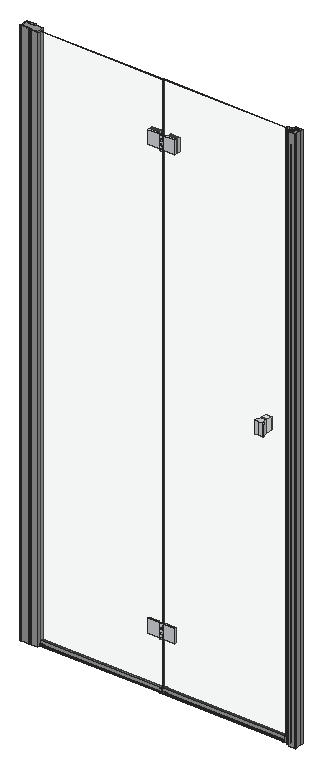
Revit family "Sanitary_Shower-screens_Duscholux_D2Swing_Slider-folding-door-shower", category Aparatos sanitarios, Revit 2019
Family settings
  Cota de conector redondo = Diámetro de uso
  Tipo de pieza = Normal
  Número OmniClass = 23.45.00.00
  Título OmniClass = Sanitary, Laundry, and Cleaning Equipment
  Se basa en plano de trabajo = No
  Siempre vertical = Sí
  Corte con vacíos al cargar = No
  Compartido = No
  Punto de cálculo de habitación = No
Parameters (values of type "Shiny silver Aluminium Finish")
  Width = 1000 mm
  URL = "http://www.duscholux.es/"
  Thickness Glass = 5 mm  # constant formula
  Technical Inspection Certificate (Applus) = "https://www.duscholux.es/es/Descargas/"
  Series = "D2"
  Ref. = "SWX / SWZ"
  Products = "http://www.duscholux.es/mamparas_filtro.aspx?es"
  Opening System Image = "https://configuratumampara.duscholux.es/PublicTempStorage/multimedia/FDIzq2pReplegable_0e293749dd0944848b97b7215b8956d5.gif"
  Opening System = "Bi-fold + Slider"
  Modelo = "D2 Swing"
  Min Max Width = if(Width < 550 mm, 550 mm, if(Width > 1000 mm, 1000 mm, Width))  # 1000 mm
  Max Height = if(Height > 2000 mm, 2000 mm, Height)  # 2000 mm
  Maintenance and Cleaning = "https://www.duscholux.es/es/Cuidado-y-limpieza/"
  Image = "https://www.duscholux.es/medium/D2_SWING_FD_2P_PLEGABLE_PLATA.jpg?m=7418&w=960&h=768&g=0"
  Height = 2000 mm
  Handle Material = Zamac_Duscholux Material-Chrome Finish
  Handle Height = Max Height / 2  # 1000 mm
  Glass in Building UNE EN 12150 = "CE Conformity marking"
  Glass Material = Glass_Material-Duscholux
  Frame Material = Anodized Aluminium_Duscholux Material-Shiny Silver Finish
  Fact Sheet = "https://www.duscholux.es/es/Producto/D2-Swing-RP-Frontal-para-ducha-de-2-puertas-plegables"
  Fabricante = "Duscholux Ibérica, S.A."
  Environmental Management ISO 14001 = "ECOEMBES Certificate"
  Door Lenght = (Min Max Width - 83.6 mm) / 2  # 458.2 mm
  Descripción = "Folding and slider twin doors"
  Código de montaje = "C1030200"
  Configuration enclosure = "http://configuratumampara.duscholux.es/eCatalogo.aspx"
  Components = "Eropean components"
  Type Comments = ""
  Combinations = ""
  Certified Quality UNE EN 14428 = "http://www.duscholux.es/duscholux_downloads.aspx?es"
  Accesories Material = Plastic_Duscholux Material-Gray Finish
Types (4, lengths in mm): name | Handle Material | Frame Material | Accesories Material
  (no name) | Zamac_Duscholux Material-Chrome Finish | Anodized Aluminium_Duscholux Material-Shiny Silver Finish | Plastic_Duscholux Material-Gray Finish
  Matte Silver Aluminium Finish | Zamac_Duscholux Material-Matte Silver Finish | Anodized Aluminium_Duscholux Material-Matte Silver Finish | Plastic_Duscholux Material-Gray Finish
  Shiny silver Aluminium Finish | Zamac_Duscholux Material-Chrome Finish | Anodized Aluminium_Duscholux Material-Shiny Silver Finish | Plastic_Duscholux Material-Gray Finish
  Black Aluminium Finish | Anodized Aluminium_Duscholux Material-Black Finish | Anodized Aluminium_Duscholux Material-Black Finish | Plastic_Duscholux Material-Black Br. Finish
Reference planes
  plane 1 "Centro (Frontal/Posterior)": y = 0
  plane 2: z = 0
  plane 3 "Centro (Izquierda/Derecha)": x = 0
  plane 4: x = 52.152
  plane 5: z = 2000
  plane 6: z = 0
  plane 7: x = 968.522
  plane 8: y = 20.552
  plane 9: z = 47.999
  plane 10: z = 1996
  plane 11: z = 8.2
  plane 12: z = 1000
  plane 13: x = 1000
  plane 14: x = 510.337
  plane 15: x = 512.491
  plane 16: x = 508.183
  plane 17: z = 1796
  plane 18: z = 208.2
Forms (mm)
  Extrusion 1, solid, material "Glass_Material-Duscholux" <- "Glass Material"
    sketch origin (52.152, 20.552, 0) x (1, 0, 0) y (0, 1, 0)
      loop
        line (456.033, -2.5) -> (456.033, 2.5) -> (0, 2.5) -> (0, -2.5) -> (456.033, -2.5)
    from 8.2 to 1996
  Extrusion 2, solid, material "Glass_Material-Duscholux" <- "Glass Material"
    sketch origin (510.352, 20.552, 0) x (1, 0, 0) y (0, 1, 0)
      loop
        line (2.137, 2.5) -> (2.137, -2.5) -> (449.77, -2.5) -> (449.77, 2.5) -> (2.137, 2.5)
    from 8.2 to 1996
  Extrusion 3, solid, material "Anodized Aluminium_Duscholux Material-Shiny Silver Finish" <- "Frame Material"
    sketch origin (0, 0, 0) x (1, 0, 0) y (0, 1, 0)
      loop
        line (0, 39.74) -> (0, 31.434) -> (1.8, 31.434) -> (1.8, 9.247) -> (0, 9.247) -> (0, 7.324) -> (30.982, 7.324) -> (31.502, 8.752) -> (3.1, 8.752) -> (3.1, 32.352) -> (31.022, 32.352) -> (31.022, 39.74) -> (0, 39.74)
    from 0 to 2000
  Extrusion 4, solid, material "Anodized Aluminium_Duscholux Material-Shiny Silver Finish" <- "Frame Material"
    sketch origin (0, 0, 0) x (1, 0, 0) y (0, 1, 0)
      loop
        line (5.472, 32.052) -> (5.472, 23.902) -> (20.474, 23.902) -> (20.474, 17.202) -> (5.472, 17.202) -> (5.472, 9.052) -> (35.584, 9.052) -> (35.584, 10.529) -> (36.21, 9.904)
        arc (36.21, 9.904) -> (37.266, 9.623) -> (37.481, 10.695) r 0.75
        arc (37.481, 10.695) -> (34.477, 20.555) -> (37.485, 30.414) r 17.675
        arc (37.485, 30.414) -> (37.268, 31.481) -> (36.214, 31.208) r 0.75
        line (36.214, 31.208) -> (35.584, 30.578) -> (35.584, 32.052) -> (5.472, 32.052)
    from 0 to 1996
  Extrusion 5, solid, material "Anodized Aluminium_Duscholux Material-Shiny Silver Finish" <- "Frame Material"
    sketch origin (52.152, 20.552, 0) x (1, 0, 0) y (0, 1, 0)
      loop
        arc (-11.626, 11.499) -> (-12.99, 11.171) -> (-14.056, 10.258) r 3
        arc (-14.056, 10.258) -> (-17.379, -0.001) -> (-14.056, -10.26) r 17.5
        arc (-14.056, -10.26) -> (-12.99, -11.173) -> (-11.626, -11.501) r 3
        line (-11.626, -11.501) -> (12.121, -11.501) -> (12.121, -3.348) -> (-2.879, -3.348) -> (-2.879, 3.349) -> (12.121, 3.349) -> (12.121, 11.499) -> (-11.626, 11.499)
    from 0 to 1996
  Extrusion 6, solid, material "Anodized Aluminium_Duscholux Material-Shiny Silver Finish" <- "Frame Material"
    sketch origin (0, 0, 0) x (1, 0, 0) y (0, 1, 0)
      loop
        line (64.273, 32.051) -> (5.472, 32.051) -> (5.472, 9.052) -> (64.273, 9.052) -> (64.273, 32.051)
    from 1996 to 2000
  Extrusion 7, solid, material "Plástico, transparente"
    sketch origin (510.352, 20.552, 0) x (1, 0, 0) y (0, 1, 0)
      loop
        line (449.088, 3.965) -> (445.153, 3.965) -> (445.153, 3) -> (449.77, 3) -> (449.77, 0) -> (449.77, -3) -> (445.153, -3) -> (445.153, -3.965) -> (449.088, -3.965)
        arc (449.088, -3.965) -> (452.57, -6.188) -> (456.701, -6.231) r 7.5
        arc (456.701, -6.231) -> (457.761, -5.515) -> (458.17, -4.303) r 2
        line (458.17, -4.303) -> (458.17, 4.303)
        arc (458.17, 4.303) -> (457.761, 5.515) -> (456.701, 6.231) r 2
        arc (456.701, 6.231) -> (452.57, 6.188) -> (449.088, 3.965) r 7.5
    from 0 to 1996
  Extrusion 8, solid, material "Anodized Aluminium_Duscholux Material-Shiny Silver Finish" <- "Frame Material"
    sketch origin (0, 0, 0) x (1, 0, 0) y (0, 1, 0)
      loop
        line (1000, 39.652) -> (976.004, 39.652) -> (976.004, 32.352) -> (997.2, 32.352) -> (997.2, 8.661) -> (976.004, 8.661) -> (976.004, 7.297) -> (1000, 7.297) -> (1000, 9.104) -> (998.7, 9.104) -> (998.7, 31.199) -> (1000, 31.199) -> (1000, 39.652)
    from 0 to 1996
  Extrusion 9, solid, material "Anodized Aluminium_Duscholux Material-Shiny Silver Finish" <- "Frame Material"
    sketch origin (0, 0, 0) x (1, 0, 0) y (0, 1, 0)
      loop
        line (996.945, 32.052) -> (975.922, 32.052) -> (973.691, 31.057) -> (971.943, 27.039) -> (973.075, 27.039) -> (974.658, 30.188) -> (975.922, 30.752) -> (988.922, 30.752) -> (988.922, 23.552) -> (978.234, 23.552) -> (978.234, 17.552) -> (988.922, 17.552) -> (988.922, 10.352) -> (975.922, 10.352) -> (974.658, 10.915) -> (973.075, 14.065) -> (971.943, 14.065) -> (973.691, 10.046) -> (975.922, 9.052) -> (996.945, 9.052) -> (996.945, 32.052)
    from 0 to 1996
  Extrusion 10, solid, material "Plástico, transparente"
    sketch origin (0, 0, 0) x (1, 0, 0) y (0, 1, 0)
      loop
        arc (977.604, 24.517) -> (974.122, 26.74) -> (969.991, 26.782) r 7.5
        arc (969.991, 26.782) -> (968.931, 26.066) -> (968.522, 24.854) r 2
        line (968.522, 24.854) -> (968.522, 16.249)
        arc (968.522, 16.249) -> (968.931, 15.037) -> (969.991, 14.321) r 2
        arc (969.991, 14.321) -> (974.122, 14.363) -> (977.604, 16.587) r 7.5
        line (977.604, 16.587) -> (982.85, 16.587) -> (982.85, 17.552) -> (978.234, 17.552) -> (978.234, 23.552) -> (982.85, 23.552) -> (982.85, 24.517) -> (977.604, 24.517)
    from 0 to 1996
Lines and regions (mm)
  reference lines
    curve 1: line (52.152, 20.552, 0) -> (510.352, 20.552, 0)
    curve 2: line (510.352, 20.552, 0) -> (968.552, 20.552, 0)
Dimensions and locks
  "Max Height": plane 5 to level
  locked: plane 3 "Centro (Izquierda/Derecha)" to plane 4 at 52.15
  locked: plane 8 to plane 1 "Centro (Frontal/Posterior)" at 20.552
  "Door Lenght": curve 1 to curve 1
  "Door Lenght": curve 2 to curve 2
  locked: plane 5 to plane 10 at 4
  "Handle Height": plane 12 to plane 6
  "Min Max Width": plane 3 "Centro (Izquierda/Derecha)" to plane 13
  locked: plane 7 to plane 13 at 31.478
  equal spacing: plane 4, plane 14, plane 7
  locked: plane 14 to plane 15 at 2.154
  equal spacing: plane 16, plane 14, plane 15
  locked: plane 18 to plane 11 at 200
  locked: plane 10 to plane 17 at 200
  locked: Extrusion 2 to nested 3 at 30.498
  locked: nested 4 to Extrusion 1 at 30.498
  locked: nested 1 to Extrusion 1 at 30.498
  locked: Extrusion 2 to nested 2 at 30.498
  locked: Extrusion 2 to nested 6 at 30.498
  locked: Extrusion 1 to nested 5 at 30.498
  locked: nested 7 to Extrusion 7 at 85
  locked: nested 8 to Extrusion 7 at 85
  locked: Extrusion 8 to plane 13 at 23.996
  aligned and locked: level to plane 2
  aligned and locked: plane 8 to curve 1
  aligned and locked: plane 4 to curve 1
  aligned and locked: plane 10 to Extrusion 1
  aligned and locked: plane 10 to Extrusion 2
  aligned and locked: Extrusion 2 to plane 11
  aligned and locked: Extrusion 1 to plane 11
  aligned and locked: nested 1 to plane 17
  aligned and locked: nested 2 to plane 17
  aligned and locked: plane 14 to nested 1
  aligned and locked: plane 14 to nested 2
  aligned and locked: plane 5 to Extrusion 3
  aligned and locked: plane 10 to Extrusion 4
  aligned and locked: plane 10 to Extrusion 5
  aligned and locked: plane 5 to Extrusion 6
  aligned and locked: Extrusion 6 to plane 10
  aligned and locked: plane 4 to Extrusion 1
  aligned and locked: plane 17 to nested 3
  aligned and locked: nested 4 to plane 17
  aligned and locked: plane 10 to Extrusion 7
  aligned and locked: nested 6 to plane 18
  aligned and locked: nested 5 to plane 18
  aligned and locked: plane 12 to nested 7
  aligned and locked: plane 12 to nested 8
  aligned and locked: Extrusion 8 to Extrusion 8
  aligned and locked: plane 13 to Extrusion 8
  aligned and locked: plane 10 to Extrusion 8
  aligned and locked: plane 10 to Extrusion 9
  aligned and locked: plane 10 to Extrusion 10
  aligned and locked: nested 9 to Extrusion 2
  aligned and locked: nested 9 to Extrusion 7
  aligned and locked: nested 10 to Extrusion 1
  aligned and locked: Extrusion 6 to nested 10
Automatic sketch dimensions
  curve 1 to Extrusion 1 sketch curve = 0 mm
  Extrusion 1 sketch curve to curve 1 = 2.5 mm
  Extrusion 1 sketch curve to curve 1 = 2.167 mm
  curve 1 to Extrusion 1 sketch curve = 2.5 mm
  curve 2 to Extrusion 2 sketch curve = 2.5 mm
  curve 2 to Extrusion 2 sketch curve = 2.137 mm
  Extrusion 2 sketch curve to curve 2 = 8.43 mm
  Extrusion 2 sketch curve to curve 2 = 2.5 mm
  Extrusion 3 sketch curve to plane 3 "Centro (Izquierda/Derecha)" = 0 mm  (x2)
  plane 3 "Centro (Izquierda/Derecha)" to Extrusion 3 sketch curve = 1.8 mm
  Extrusion 3 sketch curve to Extrusion 3 sketch curve = 1.3 mm
  Extrusion 3 sketch curve to plane 1 "Centro (Frontal/Posterior)" = 7.324 mm
  plane 4 to Extrusion 3 sketch curve = 21.17 mm
  plane 4 to Extrusion 3 sketch curve = 21.13 mm
  Extrusion 3 sketch curve to Extrusion 3 sketch curve = 0.52 mm
  Extrusion 3 sketch curve to Extrusion 3 sketch curve = 1.428 mm
  Extrusion 3 sketch curve to Extrusion 3 sketch curve = 1.923 mm
  plane 8 to Extrusion 3 sketch curve = 10.882 mm
  Extrusion 3 sketch curve to Extrusion 3 sketch curve = 0.919 mm
  Extrusion 3 sketch curve to Extrusion 3 sketch curve = 7.388 mm
  Extrusion 4 sketch curve to plane 4 = 0 mm
  Extrusion 4 sketch curve to plane 8 = 0 mm
  plane 8 to Extrusion 4 sketch curve = 10.293 mm
  plane 4 to Extrusion 4 sketch curve = 15.281 mm
  plane 4 to Extrusion 4 sketch curve = 15.282 mm
  Extrusion 4 sketch curve to Extrusion 4 sketch curve = 0.657 mm
  Extrusion 4 sketch curve to Extrusion 4 sketch curve = 0.63 mm
  Extrusion 4 sketch curve to Extrusion 4 sketch curve = 1.285 mm
  plane 8 to Extrusion 4 sketch curve = 3.35 mm
  Extrusion 4 sketch curve to Extrusion 4 sketch curve = 15.11 mm
  plane 3 "Centro (Izquierda/Derecha)" to Extrusion 4 sketch curve = 5.472 mm  (x2)
  Extrusion 4 sketch curve to plane 8 = 3.35 mm
  Extrusion 4 sketch curve to plane 1 "Centro (Frontal/Posterior)" = 10.26 mm
  Extrusion 4 sketch curve to Extrusion 4 sketch curve = 1.208 mm
  Extrusion 4 sketch curve to Extrusion 4 sketch curve = 0.267 mm
  Extrusion 4 sketch curve to Extrusion 4 sketch curve = 0.363 mm
  Extrusion 4 sketch curve to Extrusion 4 sketch curve = 8.15 mm
  Extrusion 4 sketch curve to Extrusion 4 sketch curve = 0.614 mm
  Extrusion 4 sketch curve to Extrusion 4 sketch curve = 0.611 mm
  Extrusion 4 sketch curve to Extrusion 4 sketch curve = 0.66 mm
  Extrusion 4 sketch curve to Extrusion 4 sketch curve = 0.625 mm
  Extrusion 5 sketch curve to curve 1 = 2.879 mm
  curve 1 to Extrusion 5 sketch curve = 12.121 mm
  curve 1 to Extrusion 5 sketch curve = 3.348 mm
  Extrusion 5 sketch curve to Extrusion 5 sketch curve = 0 mm  (x2)
  curve 1 to Extrusion 5 sketch curve = 3.349 mm
  Extrusion 5 sketch curve to Extrusion 5 sketch curve = 8.15 mm
  Extrusion 5 sketch curve to curve 1 = 11.626 mm  (x2)
  curve 1 to Extrusion 5 sketch curve = 11.501 mm
  Extrusion 5 sketch curve to Extrusion 5 sketch curve = 3 mm
  Extrusion 5 sketch curve to Extrusion 5 sketch curve = 2.43 mm  (x2)
  curve 1 to Extrusion 5 sketch curve = 0.001 mm
  curve 2 to Extrusion 7 sketch curve = 0 mm
  curve 2 to Extrusion 7 sketch curve = 3.965 mm
  Extrusion 7 sketch curve to curve 2 = 13.047 mm
  Extrusion 7 sketch curve to Extrusion 7 sketch curve = 0 mm  (x4)
  Extrusion 7 sketch curve to Extrusion 7 sketch curve = 3.935 mm  (x2)
  Extrusion 7 sketch curve to Extrusion 7 sketch curve = 0.682 mm
  curve 2 to Extrusion 7 sketch curve = 1 mm
  Extrusion 7 sketch curve to curve 2 = 3.49 mm
  Extrusion 7 sketch curve to curve 2 = 2.03 mm  (x2)
  Extrusion 7 sketch curve to curve 2 = 4.303 mm
  Extrusion 7 sketch curve to Extrusion 7 sketch curve = 0.965 mm  (x2)
  Extrusion 7 sketch curve to curve 2 = 1 mm
  Extrusion 7 sketch curve to Extrusion 7 sketch curve = 3 mm
  plane 3 "Centro (Izquierda/Derecha)" to Extrusion 6 sketch curve = 5.472 mm
  Extrusion 6 sketch curve to plane 4 = 12.121 mm
  Extrusion 6 sketch curve to plane 1 "Centro (Frontal/Posterior)" = 9.052 mm
  plane 8 to Extrusion 6 sketch curve = 11.499 mm
  Extrusion 8 sketch curve to plane 13 = 0 mm  (x2)
  Extrusion 8 sketch curve to Extrusion 8 sketch curve = 1.3 mm
  Extrusion 8 sketch curve to Extrusion 8 sketch curve = 1.5 mm
  plane 7 to Extrusion 8 sketch curve = 7.482 mm  (x2)
  Extrusion 8 sketch curve to plane 1 "Centro (Frontal/Posterior)" = 7.297 mm
  Extrusion 8 sketch curve to Extrusion 8 sketch curve = 1.364 mm
  Extrusion 8 sketch curve to Extrusion 8 sketch curve = 1.807 mm
  plane 8 to Extrusion 8 sketch curve = 10.647 mm
  plane 8 to Extrusion 8 sketch curve = 11.8 mm
  Extrusion 8 sketch curve to Extrusion 8 sketch curve = 7.3 mm
  plane 7 to Extrusion 9 sketch curve = 3.421 mm  (x2)
  Extrusion 9 sketch curve to Extrusion 9 sketch curve = 1.132 mm  (x2)
  Extrusion 9 sketch curve to Extrusion 9 sketch curve = 0.616 mm  (x2)
  Extrusion 9 sketch curve to Extrusion 9 sketch curve = 0.967 mm  (x2)
  Extrusion 9 sketch curve to Extrusion 9 sketch curve = 1.264 mm  (x2)
  Extrusion 9 sketch curve to Extrusion 9 sketch curve = 0 mm  (x3)
  plane 8 to Extrusion 9 sketch curve = 3 mm
  Extrusion 9 sketch curve to Extrusion 9 sketch curve = 5.159 mm
  Extrusion 9 sketch curve to Extrusion 9 sketch curve = 10.688 mm
  Extrusion 9 sketch curve to plane 13 = 3.055 mm
  Extrusion 9 sketch curve to plane 8 = 3 mm
  Extrusion 9 sketch curve to plane 8 = 6.487 mm
  Extrusion 9 sketch curve to Extrusion 9 sketch curve = 3.149 mm  (x2)
  Extrusion 9 sketch curve to Extrusion 9 sketch curve = 0.563 mm  (x2)
  Extrusion 9 sketch curve to Extrusion 9 sketch curve = 0.869 mm  (x2)
  Extrusion 9 sketch curve to Extrusion 9 sketch curve = 1.3 mm  (x2)
  plane 8 to Extrusion 9 sketch curve = 6.487 mm
  Extrusion 10 sketch curve to plane 7 = 0 mm
  Extrusion 10 sketch curve to Extrusion 10 sketch curve = 2 mm
  plane 7 to Extrusion 10 sketch curve = 2 mm
  plane 8 to Extrusion 10 sketch curve = 1 mm
  plane 7 to Extrusion 10 sketch curve = 3.46 mm
  Extrusion 10 sketch curve to plane 8 = 1 mm
  Extrusion 10 sketch curve to Extrusion 10 sketch curve = 0 mm
  Extrusion 10 sketch curve to Extrusion 10 sketch curve = 5.621 mm  (x2)
  Extrusion 10 sketch curve to Extrusion 10 sketch curve = 0.63 mm
  Extrusion 10 sketch curve to Extrusion 10 sketch curve = 4.616 mm  (x2)
  Extrusion 10 sketch curve to plane 8 = 3 mm
  Extrusion 10 sketch curve to Extrusion 10 sketch curve = 0.965 mm  (x2)
  Extrusion 10 sketch curve to plane 8 = 4.303 mm
  plane 8 to Extrusion 10 sketch curve = 3 mm
  plane 8 to Extrusion 10 sketch curve = 4.303 mm
Nested families
  nested 1: "Hinge-left" at (510.337, 18.052, 1796) x (1, 0, 0) z (0, -1, 0), type "Hinge-left"
  nested 2: "Hinge_rigth" at (510.337, 18.052, 1796) x (1, 0, 0) z (0, -1, 0), type "Hinge_rigth"
  nested 3: "Hinge_int" at (510.337, 23.052, 1796) x (1, 0, 0) z (0, 1, 0), type "Hinge_int"
  nested 4: "Hinge_int" at (510.337, 23.052, 1796) x (-1, 0, 0) z (0, 1, 0), type "Hinge_int"
  nested 5: "Hinge-left" at (510.337, 18.052, 208.2) x (1, 0, 0) z (0, -1, 0), type "Hinge-left"
  nested 6: "Hinge_rigth" at (510.337, 18.052, 208.2) x (1, 0, 0) z (0, -1, 0), type "Hinge_rigth"
  nested 7: "Handle-ext-SWING" at (875.122, 18.052, 1000) x (-1, 0, 0) z (0, -1, 0), type "Handle-ext-SWING"
  nested 8: "Handle-int-SWING" at (875.122, 23.052, 1000) x (1, 0, 0) z (0, 1, 0), type "Handle-int-SWING"
  nested 9: "Lower-Guide" at (512.489, 20.552, 8.203), type "Lower-Guide"
    with built-in parameter 1001306 1.4535 (stored number, unit not read)
  nested 10: "Lower-Guide" at (508.185, 20.552, 8.203) x (-1, 0, 0) z (0, 0, 1), type "Lower-Guide"
    with built-in parameter 1001306 1.4564 (stored number, unit not read)
Definition of nested family "Hinge-left"
  Parameters (values of type "Hinge-left")
    Handle Material = none
    Default Elevation = 1219.2 mm
  Reference planes
    plane 1 "Centro (Frontal/Posterior)": y = 0
    plane 2: z = 0
    plane 3 "Centro (Izquierda/Derecha)": x = 0
    plane 4: y = 24
    plane 5: y = -24
    plane 6: y = 8
    plane 7: y = -8
    plane 8: x = -32.65
  Forms (mm)
    Extrusion 1, solid
      sketch origin (0, 0, 0) x (1, 0, 0) y (0, 1, 0)
        loop
          line (-1219.2, 1219.2) -> (-1219.2, -1219.2) -> (1219.2, -1219.2) -> (1219.2, 1219.2) -> (-1219.2, 1219.2)
      from 0 to -304.8
    Extrusion 2, solid
      sketch origin (0, 0, 0) x (1, 0, 0) y (0, 0, 1)
        loop
          line (-45.65, 0) -> (-19.65, 0) -> (-19.65, 1.5) -> (-13.95, 1.5) -> (-12.95, 2.5) -> (0, 2.5)
          arc (0, 2.5) -> (3.445, 10.763) -> (-4.85, 7.395) r 4.85
          arc (-4.85, 7.395) -> (-4.998, 7.045) -> (-5.35, 6.9) r 0.5
          line (-5.35, 6.9) -> (-49.15, 6.9) -> (-49.15, 1.5) -> (-45.65, 1.5) -> (-45.65, 0)
        loop
          circle (0, 7.35) r 2
      from -24 to 24
    Extrusion 3, void
      sketch origin (0, 0, 0) x (1, 0, 0) y (0, 0, 1)
        loop
          circle (0, 7.35) r 4.85
        loop
          circle (0, 7.35) r 2
      from -24 to -8
    Extrusion 4, void
      sketch origin (0, 0, 0) x (1, 0, 0) y (0, 0, 1)
        loop
          circle (0, 7.35) r 4.85
        loop
          circle (0, 7.35) r 2
      from 8 to 24
  Cuts and joins
    Extrusion 3, Extrusion 4 cuts Extrusion 2
  Dimensions and locks
    equal spacing: plane 4, plane 1 "Centro (Frontal/Posterior)", plane 5, locked at 24 each
    equal spacing: plane 4, plane 6, plane 7, plane 5
    locked: plane 8 to plane 3 "Centro (Izquierda/Derecha)" at 32.65
    aligned and locked: plane 2 to Extrusion 1
    aligned and locked: level to Extrusion 1
    aligned and locked: plane 4 to Extrusion 2
    aligned and locked: Extrusion 2 to plane 5
    aligned and locked: Extrusion 3 to Extrusion 2
    aligned and locked: Extrusion 3 to plane 6
    aligned and locked: Extrusion 2 to Extrusion 4
    aligned and locked: plane 7 to Extrusion 4
  Automatic sketch dimensions
    Extrusion 1 sketch curve to Extrusion 1 sketch curve = 2438.4 mm  (x2)
    Extrusion 2 sketch curve to Extrusion 2 sketch curve = 0 mm  (x3)
    Extrusion 2 sketch curve to level = 0 mm
    Extrusion 2 sketch curve to plane 3 "Centro (Izquierda/Derecha)" = 0 mm
    Extrusion 2 sketch curve to plane 3 "Centro (Izquierda/Derecha)" = 5.35 mm
    level to Extrusion 2 sketch curve = 2.5 mm
    Extrusion 2 sketch curve to Extrusion 2 sketch curve = 7.6 mm
    level to Extrusion 2 sketch curve = 1.5 mm  (x2)
    Extrusion 2 sketch curve to Extrusion 2 sketch curve = 1 mm
    Extrusion 2 sketch curve to Extrusion 2 sketch curve = 5.7 mm
    Extrusion 2 sketch curve to Extrusion 2 sketch curve = 26 mm
    Extrusion 2 sketch curve to Extrusion 2 sketch curve = 3.5 mm
    Extrusion 2 sketch curve to Extrusion 2 sketch curve = 0.5 mm
    Extrusion 3 sketch curve to Extrusion 3 sketch curve = 0 mm  (x3)
    Extrusion 3 sketch curve to plane 3 "Centro (Izquierda/Derecha)" = 0 mm
    Extrusion 4 sketch curve to Extrusion 4 sketch curve = 0 mm  (x3)
    Extrusion 4 sketch curve to plane 3 "Centro (Izquierda/Derecha)" = 0 mm
    Extrusion 2 sketch curve to Extrusion 2 sketch curve = 5.4 mm
    Extrusion 2 sketch curve to Extrusion 2 sketch curve = 4.85 mm
    level to Extrusion 3 sketch curve = 7.35 mm
    level to Extrusion 4 sketch curve = 7.35 mm
    radius of Extrusion 2 sketch curve = 2 mm
    radius of Extrusion 3 sketch curve = 4.85 mm
    radius of Extrusion 3 sketch curve = 2 mm
    radius of Extrusion 4 sketch curve = 4.85 mm
    radius of Extrusion 4 sketch curve = 2 mm
Definition of nested family "Hinge_rigth"
  Parameters (values of type "Hinge_rigth")
    Handle Material = none
    Default Elevation = 1219.2 mm
  Reference planes
    plane 1 "Centro (Frontal/Posterior)": y = 0
    plane 2: z = 0
    plane 3 "Centro (Izquierda/Derecha)": x = 0
    plane 4: y = 24
    plane 5: y = -24
    plane 6: y = 8
    plane 7: y = -8
    plane 8: x = 32.65
  Forms (mm)
    Extrusion 1, solid
      sketch origin (0, 0, 0) x (1, 0, 0) y (0, 1, 0)
        loop
          line (-1219.2, 1219.2) -> (-1219.2, -1219.2) -> (1219.2, -1219.2) -> (1219.2, 1219.2) -> (-1219.2, 1219.2)
      from 0 to -304.8
    Extrusion 2, solid
      sketch origin (0, 0, 0) x (1, 0, 0) y (0, 0, 1)
        loop
          arc (5.35, 6.9) -> (4.998, 7.045) -> (4.85, 7.395) r 0.5
          arc (4.85, 7.395) -> (-3.445, 10.763) -> (0, 2.5) r 4.85
          line (0, 2.5) -> (12.95, 2.5) -> (13.95, 1.5) -> (19.65, 1.5) -> (19.65, 0) -> (45.65, 0) -> (45.65, 1.5) -> (49.15, 1.5) -> (49.15, 6.9) -> (5.35, 6.9)
        loop
          circle (0, 7.35) r 2
      from -24 to 24
    Extrusion 3, void
      sketch origin (0, 0, 0) x (1, 0, 0) y (0, 0, 1)
        loop
          circle (0, 7.35) r 4.85
        loop
          circle (0, 7.35) r 2
      from -8 to 8
  Cuts and joins
    Extrusion 3 cuts Extrusion 2
  Dimensions and locks
    equal spacing: plane 4, plane 1 "Centro (Frontal/Posterior)", plane 5, locked at 24 each
    equal spacing: plane 4, plane 6, plane 7, plane 5
    locked: plane 3 "Centro (Izquierda/Derecha)" to plane 8 at 32.65
    aligned and locked: plane 2 to Extrusion 1
    aligned and locked: level to Extrusion 1
    aligned and locked: plane 4 to Extrusion 2
    aligned and locked: Extrusion 2 to plane 5
    aligned and locked: plane 6 to Extrusion 3
    aligned and locked: Extrusion 3 to plane 7
  Automatic sketch dimensions
    Extrusion 1 sketch curve to Extrusion 1 sketch curve = 2438.4 mm  (x2)
    Extrusion 2 sketch curve to Extrusion 2 sketch curve = 0 mm  (x2)
    Extrusion 2 sketch curve to plane 3 "Centro (Izquierda/Derecha)" = 0 mm
    Extrusion 2 sketch curve to level = 0 mm
    plane 3 "Centro (Izquierda/Derecha)" to Extrusion 2 sketch curve = 5.35 mm
    level to Extrusion 2 sketch curve = 2.5 mm
    Extrusion 2 sketch curve to Extrusion 2 sketch curve = 7.6 mm
    Extrusion 2 sketch curve to Extrusion 2 sketch curve = 1 mm
    level to Extrusion 2 sketch curve = 1.5 mm  (x2)
    Extrusion 2 sketch curve to Extrusion 2 sketch curve = 5.7 mm
    Extrusion 2 sketch curve to Extrusion 2 sketch curve = 26 mm
    Extrusion 2 sketch curve to Extrusion 2 sketch curve = 3.5 mm
    Extrusion 2 sketch curve to Extrusion 2 sketch curve = 5.4 mm
    Extrusion 2 sketch curve to Extrusion 2 sketch curve = 4.85 mm
    Extrusion 2 sketch curve to Extrusion 2 sketch curve = 0.5 mm
    Extrusion 3 sketch curve to Extrusion 3 sketch curve = 0 mm  (x2)
    Extrusion 3 sketch curve to plane 3 "Centro (Izquierda/Derecha)" = 0 mm
    level to Extrusion 3 sketch curve = 7.35 mm
    radius of Extrusion 2 sketch curve = 2 mm
    radius of Extrusion 3 sketch curve = 4.85 mm
    radius of Extrusion 3 sketch curve = 2 mm
Definition of nested family "Hinge_int"
  Parameters (values of type "Hinge_int")
    Handle Material = none
    Default Elevation = 1219.2 mm
  Reference planes
    plane 1 "Centro (Frontal/Posterior)": y = 0
    plane 2: z = 0
    plane 3 "Centro (Izquierda/Derecha)": x = 0
    plane 4: y = 24
    plane 5: y = -24
    plane 6: y = 8
    plane 7: y = -8
    plane 8: x = 32.65
  Forms (mm)
    Extrusion 1, solid
      sketch origin (0, 0, 0) x (1, 0, 0) y (0, 1, 0)
        loop
          line (-1219.2, 1219.2) -> (-1219.2, -1219.2) -> (1219.2, -1219.2) -> (1219.2, 1219.2) -> (-1219.2, 1219.2)
      from 0 to -304.8
    Extrusion 2, solid
      sketch origin (0, 0, 0) x (1, 0, 0) y (0, 0, 1)
        loop
          line (34.15, 0) -> (34.15, 1) -> (45.65, 1) -> (45.65, 2.4) -> (49.15, 2.4) -> (49.15, 8) -> (19.65, 8) -> (18.65, 7) -> (18.65, 2.4) -> (19.65, 2.4) -> (19.65, 1) -> (28.15, 1) -> (28.15, 0) -> (34.15, 0)
      from -24 to 24
  Dimensions and locks
    equal spacing: plane 4, plane 1 "Centro (Frontal/Posterior)", plane 5, locked at 24 each
    equal spacing: plane 4, plane 6, plane 7, plane 5
    locked: plane 8 to plane 3 "Centro (Izquierda/Derecha)" at 32.65
    aligned and locked: plane 2 to Extrusion 1
    aligned and locked: level to Extrusion 1
    aligned and locked: plane 4 to Extrusion 2
    aligned and locked: Extrusion 2 to plane 5
  Automatic sketch dimensions
    Extrusion 1 sketch curve to Extrusion 1 sketch curve = 2438.4 mm  (x2)
    Extrusion 2 sketch curve to level = 0 mm
    level to Extrusion 2 sketch curve = 2.4 mm  (x2)
    plane 3 "Centro (Izquierda/Derecha)" to Extrusion 2 sketch curve = 19.65 mm
    level to Extrusion 2 sketch curve = 8 mm
    Extrusion 2 sketch curve to Extrusion 2 sketch curve = 0 mm
    level to Extrusion 2 sketch curve = 1 mm  (x2)
    Extrusion 2 sketch curve to Extrusion 2 sketch curve = 8.5 mm
    Extrusion 2 sketch curve to Extrusion 2 sketch curve = 6 mm
    Extrusion 2 sketch curve to Extrusion 2 sketch curve = 11.5 mm
    Extrusion 2 sketch curve to Extrusion 2 sketch curve = 3.5 mm
    level to Extrusion 2 sketch curve = 7 mm
    Extrusion 2 sketch curve to Extrusion 2 sketch curve = 1 mm
Definition of nested family "Handle-ext-SWING"
  Parameters (values of type "Handle-ext-SWING")
    Long. tirador = 43.6 mm
    Handle Material = none
    Default Elevation = 1219.2 mm
  Reference planes
    plane 1 "Centro (Frontal/Posterior)": y = 0
    plane 2: z = 0
    plane 3 "Centro (Izquierda/Derecha)": x = 0
    plane 4: y = 21.8
    plane 5: y = -21.8
    plane 6: x = -9.5
    plane 7: x = 9.5
    plane 8: z = 0
    plane 9: z = 19.911
  Forms (mm)
    Extrusion 1, solid
      sketch origin (0, 0, 0) x (1, 0, 0) y (0, 1, 0)
        loop
          line (-1219.2, 1219.2) -> (-1219.2, -1219.2) -> (1219.2, -1219.2) -> (1219.2, 1219.2) -> (-1219.2, 1219.2)
      from 0 to -304.8
    Extrusion 2, solid
      sketch origin (0, 0, 0) x (1, 0, 0) y (0, 0, 1)
        loop
          line (14.376, 19.911) -> (0, 19.911) -> (-14.376, 19.911)
          arc (-14.376, 19.911) -> (-15.225, 19.559) -> (-15.576, 18.711) r 1.2
          line (-15.576, 18.711) -> (-15.576, 17.307)
          arc (-15.576, 17.307) -> (-10.99, 9.188) -> (-9.4, 0) r 27.336
          line (-9.4, 0) -> (0, 0) -> (9.4, 0)
          arc (9.4, 0) -> (10.99, 9.188) -> (15.576, 17.307) r 27.336
          line (15.576, 17.307) -> (15.576, 18.711)
          arc (15.576, 18.711) -> (15.225, 19.559) -> (14.376, 19.911) r 1.2
      from -21.8 to 21.8
  Dimensions and locks
    equal spacing: plane 4, plane 1 "Centro (Frontal/Posterior)", plane 5
    equal spacing: plane 6, plane 3 "Centro (Izquierda/Derecha)", plane 7
    plane 6 to plane 7 = 19 mm
    "Long. tirador": plane 4 to plane 5
    locked: plane 9 to Extrusion 1 at 19.911
    aligned and locked: plane 2 to Extrusion 1
    aligned and locked: level to Extrusion 1
    aligned and locked: plane 4 to Extrusion 2
    aligned and locked: Extrusion 2 to plane 5
  Automatic sketch dimensions
    Extrusion 1 sketch curve to Extrusion 1 sketch curve = 2438.4 mm  (x2)
    Extrusion 2 sketch curve to plane 3 "Centro (Izquierda/Derecha)" = 0 mm  (x2)
    Extrusion 2 sketch curve to plane 9 = 1.2 mm  (x2)
    plane 7 to Extrusion 2 sketch curve = 4.876 mm
    Extrusion 2 sketch curve to Extrusion 2 sketch curve = 1.404 mm
    Extrusion 2 sketch curve to level = 0 mm
    plane 7 to Extrusion 2 sketch curve = 27.236 mm
    plane 6 to Extrusion 2 sketch curve = 0.1 mm
    Extrusion 2 sketch curve to plane 6 = 27.236 mm
    Extrusion 2 sketch curve to plane 9 = 2.604 mm
    Extrusion 2 sketch curve to plane 9 = 0 mm
Definition of nested family "Handle-int-SWING"
  Parameters (values of type "Handle-int-SWING")
    Long. tirador = 43.6 mm
    Handle Material = none
    Default Elevation = 1219.2 mm
  Reference planes
    plane 1 "Centro (Frontal/Posterior)": y = 0
    plane 2: z = 0
    plane 3 "Centro (Izquierda/Derecha)": x = 0
    plane 4: y = 21.8
    plane 5: y = -21.8
    plane 6: z = 0
  Forms (mm)
    Extrusion 1, solid
      sketch origin (0, 0, 0) x (1, 0, 0) y (0, 1, 0)
        loop
          line (-1219.2, 1219.2) -> (-1219.2, -1219.2) -> (1219.2, -1219.2) -> (1219.2, 1219.2) -> (-1219.2, 1219.2)
      from 0 to -304.8
    Extrusion 2, solid, material <- "Handle Material"
      sketch origin (0, 0, 0) x (1, 0, 0) y (0, 0, 1)
        loop
          arc (-9.44, 20.3) -> (-10.324, 19.916) -> (-10.647, 19.008) r 1.21
          line (-10.647, 19.008) -> (-9.356, 0) -> (9.356, 0) -> (10.647, 19.008)
          arc (10.647, 19.008) -> (10.324, 19.916) -> (9.44, 20.3) r 1.21
          line (9.44, 20.3) -> (-9.44, 20.3)
      from -21.8 to 21.8
  Dimensions and locks
    equal spacing: plane 4, plane 1 "Centro (Frontal/Posterior)", plane 5
    "Long. tirador": plane 4 to plane 5
    aligned and locked: plane 2 to Extrusion 1
    aligned and locked: level to Extrusion 1
    aligned and locked: plane 4 to Extrusion 2
    aligned and locked: Extrusion 2 to plane 5
  Automatic sketch dimensions
    Extrusion 1 sketch curve to Extrusion 1 sketch curve = 2438.4 mm  (x2)
    level to Extrusion 2 sketch curve = 19.09 mm
    Extrusion 2 sketch curve to Extrusion 2 sketch curve = 1.21 mm  (x2)
    Extrusion 2 sketch curve to level = 0 mm
    plane 3 "Centro (Izquierda/Derecha)" to Extrusion 2 sketch curve = 9.356 mm
    plane 3 "Centro (Izquierda/Derecha)" to Extrusion 2 sketch curve = 9.44 mm
    Extrusion 2 sketch curve to Extrusion 2 sketch curve = 1.207 mm  (x2)
    Extrusion 2 sketch curve to plane 3 "Centro (Izquierda/Derecha)" = 9.356 mm
    Extrusion 2 sketch curve to plane 3 "Centro (Izquierda/Derecha)" = 9.44 mm
Definition of nested family "Lower-Guide"
  Parameters (values of type "2353MA")
    built-in parameter 1001306 [instance] = 500 mm
  Reference planes
    plane 1 "Centro (Frontal/Posterior)": y = 0
    plane 2: z = 0
    plane 3 "Izquierda": x = 0
    plane 4 "Derecha": x = 500
    plane 5: z = 0
  Forms (mm)
    Extrusion 1, solid
      sketch origin (0, 0, 0) x (0, 1, 0) y (0, 0, 1)
        loop
          line (-4.2, 0) -> (-3, 12) -> (-4.5, 12) -> (-5.692, 0.15)
          arc (-5.692, 0.15) -> (-5.345, -0.968) -> (-4.3, -1.497) r 1.5
          line (-4.3, -1.497) -> (-4.3, -5.874)
          arc (-4.3, -5.874) -> (-3.9, -6.274) -> (-3.5, -5.874) r 0.4
          line (-3.5, -5.874) -> (-3.5, -1.5) -> (3.5, -1.5) -> (3.5, -7.653)
          arc (3.5, -7.653) -> (3.9, -8.053) -> (4.3, -7.653) r 0.4
          line (4.3, -7.653) -> (4.3, -1.508) -> (5.754, -1.508) -> (11.976, -3.947)
          arc (11.976, -3.947) -> (12.62, -3.771) -> (12.515, -3.111) r 0.5
          line (12.515, -3.111) -> (9.056, -1.58)
          arc (9.056, -1.58) -> (6.398, 0.585) -> (5.211, 3.802) r 6.5
          line (5.211, 3.802) -> (4.5, 12) -> (3, 12) -> (4.2, 0) -> (-4.2, 0)
      from 0 to 500
  Lines and regions (mm)
    reference lines
      curve 1: line (0, 0, 0) -> (500, 0, 0)
  Dimensions and locks
    "built-in parameter 1001306": plane 3 "Izquierda" to plane 4 "Derecha"
    aligned and locked: plane 4 "Derecha" to curve 1
    aligned and locked: plane 1 "Centro (Frontal/Posterior)" to curve 1
    aligned and locked: plane 3 "Izquierda" to curve 1
    aligned and locked: level to plane 2
    aligned and locked: plane 4 "Derecha" to Extrusion 1
  Automatic sketch dimensions
    Extrusion 1 sketch curve to level = 0 mm  (x2)
    Extrusion 1 sketch curve to Extrusion 1 sketch curve = 0.4 mm  (x3)
    Extrusion 1 sketch curve to Extrusion 1 sketch curve = 0 mm  (x2)
    Extrusion 1 sketch curve to Extrusion 1 sketch curve = 1.5 mm  (x2)
    Extrusion 1 sketch curve to Extrusion 1 sketch curve = 1.454 mm
    Extrusion 1 sketch curve to level = 1.58 mm
    Extrusion 1 sketch curve to Extrusion 1 sketch curve = 3.301 mm
    level to Extrusion 1 sketch curve = 4.364 mm
    Extrusion 1 sketch curve to Extrusion 1 sketch curve = 2.632 mm
    Extrusion 1 sketch curve to level = 3.947 mm
    Extrusion 1 sketch curve to Extrusion 1 sketch curve = 2.921 mm
    Extrusion 1 sketch curve to Extrusion 1 sketch curve = 0.224 mm
    Extrusion 1 sketch curve to level = 3.111 mm
    Extrusion 1 sketch curve to Extrusion 1 sketch curve = 0.315 mm
    Extrusion 1 sketch curve to level = 5.874 mm
    Extrusion 1 sketch curve to Extrusion 1 sketch curve = 1.778 mm
    Extrusion 1 sketch curve to level = 1.508 mm
    Extrusion 1 sketch curve to level = 1.5 mm
    Extrusion 1 sketch curve to Extrusion 1 sketch curve = 0.003 mm
    level to Extrusion 1 sketch curve = 12 mm
    level to Extrusion 1 sketch curve = 0.15 mm
    plane 1 "Centro (Frontal/Posterior)" to Extrusion 1 sketch curve = 3 mm
    plane 1 "Centro (Frontal/Posterior)" to Extrusion 1 sketch curve = 3.5 mm
    Extrusion 1 sketch curve to Extrusion 1 sketch curve = 0.1 mm  (x2)
    Extrusion 1 sketch curve to plane 1 "Centro (Frontal/Posterior)" = 3 mm
    Extrusion 1 sketch curve to plane 1 "Centro (Frontal/Posterior)" = 3.5 mm
    Extrusion 1 sketch curve to Extrusion 1 sketch curve = 0.799 mm
    level to Extrusion 1 sketch curve = 3.802 mm
